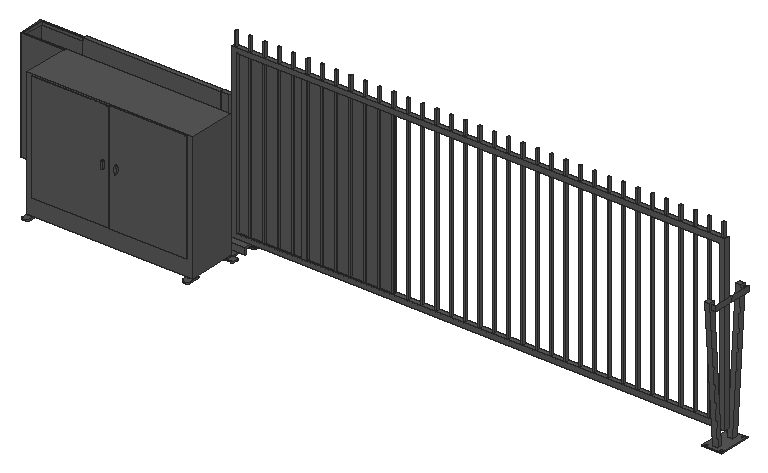
Revit family "1Construction_Fences-&-Traffic-Security_AutoGate_Buckeye-Pivot-Gates", category Specialty Equipment, Revit 2023 (continued)
Definition of nested family "Gate Operator"
  Lines and regions (in)
    Masking region 2, detail levels medium+fine
      outline origin (0, 0, 0) x (1, 0, 0) y (0, 1, 0)
        loop
          arc (-3.5, 22.87) -> (-3.14645, 23.01645) -> (-3, 23.37) r 0.5
          line (-3, 23.37) -> (-3, 24.37)
          arc (-3, 24.37) -> (-3.14645, 24.72355) -> (-3.5, 24.87) r 0.5
    Masking region 3, detail levels medium+fine
      outline origin (0, 0, 0) x (1, 0, 0) y (0, 1, 0)
        loop
          line (-65.00025, -0.0433) -> (-33.82525, -0.0433) -> (-33.82525, 0) -> (-65.00025, 0) -> (-65.00025, -0.0433)
        loop
          line (-33.42475, -0.0433) -> (-2.24975, -0.0433) -> (-2.24975, 0) -> (-33.42475, 0) -> (-33.42475, -0.0433)
    Masking region 4, detail levels coarse
      outline origin (0, 0, 0) x (1, 0, 0) y (0, 1, 0)
        loop
          line (0, 30.43) -> (-67.155, 30.43) -> (-67.155, 0) -> (0, 0) -> (0, 30.43)
    Masking region 5, visible <- "z_Std Gate Guard", detail levels medium+fine
      outline origin (0, 0, 0) x (1, 0, 0) y (0, 1, 0)
        loop
          line (-69.46845, 28.29676) -> (-69.46845, 19.19676) -> (-67.225, 19.19676) -> (-67.225, 17.41641) -> (-67.175, 17.41641) -> (-67.175, 19.24676) -> (-69.41845, 19.24676) -> (-69.41845, 28.24676) -> (-67.175, 28.24676) -> (-67.175, 30.07712) -> (-67.225, 30.07712) -> (-67.225, 28.29676) -> (-69.46845, 28.29676)
    Masking region 6, visible <- "z_NonStd Gate Guard", detail levels medium+fine
      outline origin (0, 0, 0) x (1, 0, 0) y (0, 1, 0)
        loop
          line (-76.425, 28.37) -> (-67.175, 28.37) -> (-67.175, 29.22) -> (-77.3, 29.22) -> (-77.3, 18.65) -> (-67.175, 18.65) -> (-67.175, 19.5) -> (-76.425, 19.5) -> (-76.425, 28.37)
    Masking region 7, visible <- "z_NonStd Gate Guard", detail levels coarse
      outline origin (0, 0, 0) x (1, 0, 0) y (0, 1, 0)
        loop
          line (-77.175, 29.12) -> (-77.175, 18.75) -> (-67.175, 18.75) -> (-67.175, 29.12) -> (-77.175, 29.12)
  Dimensions and locks (in)
    locked: plane 5 to plane 3 "Center (Left/Right)" at 67.175
    plane 6 to plane 2 "Bottom" = 52.1875"
    locked: plane 7 to plane 5 at 2.25
    "Gate Guard": plane 8 to plane 5
    locked: plane 6 to plane 9 at 1
    locked: plane 10 to plane 2 "Bottom" at 6.9375
    locked: plane 11 to plane 10 at 1
    equal spacing: plane 6, plane 12, plane 10, locked at 22.625 each
    Extrusion 16 to plane 12 to Extrusion 16 = 0.500" locked, 0.500" locked
    Masking region 5 sketch curve to Masking region 5 sketch curve to Masking region 5 sketch curve to Masking region 5 sketch curve to plane 5 = 0.050" locked, 2.19345" locked, 0.000" locked, 0.050" locked
    Extrusion 11 sketch curve to Extrusion 11 sketch curve to Extrusion 11 sketch curve to plane 5 = 0.050" locked, 2.19345" locked, 0.050" locked
    locked: Extrusion 11 sketch curve to plane 5 at 0.05
    locked: plane 8 to Extrusion 12 sketch curve at 0.75
    locked: Extrusion 13 sketch curve to plane 8 at 0.125
    locked: plane 8 to Extrusion 16 sketch curve at 0.75
    locked: plane 8 to Extrusion 15 sketch curve at 0.75
    Masking region 6 sketch curve to plane 8 to Masking region 6 sketch curve = 0.125" locked, 0.750" locked
    aligned and locked: plane 3 "Center (Left/Right)" to Extrusion 1
    aligned and locked: Extrusion 2 to plane 1 "Center (Front/Back)"
    aligned and locked: Extrusion 12 to plane 6
    aligned and locked: Extrusion 12 to plane 9
    aligned and locked: Extrusion 14 sketch curve to plane 5
    aligned and locked: Extrusion 14 sketch curve to plane 8
    aligned and locked: Extrusion 14 to plane 6
    aligned and locked: plane 10 to Extrusion 14
    aligned and locked: plane 8 to Masking region 7 sketch curve
    aligned and locked: plane 5 to Masking region 7 sketch curve
    aligned and locked: plane 5 to Extrusion 12 sketch curve  (x2)
    aligned and locked: Extrusion 15 to plane 11
    aligned and locked: plane 10 to Extrusion 15
    aligned and locked: plane 5 to Extrusion 13 sketch curve  (x2)
    aligned and locked: Extrusion 13 to plane 6
    aligned and locked: plane 10 to Extrusion 13
    aligned and locked: plane 5 to Masking region 5 sketch curve
    aligned and locked: Masking region 5 sketch curve to plane 5
    aligned and locked: Extrusion 11 sketch curve to plane 5  (x2)
    aligned and locked: Extrusion 12 sketch curve to plane 8
    aligned and locked: Extrusion 13 sketch curve to plane 8
    aligned and locked: Extrusion 16 sketch curve to plane 8
    aligned and locked: Extrusion 15 sketch curve to plane 8
  Automatic sketch dimensions
    plane 5 to Extrusion 1 sketch curve = 0.000"
    Extrusion 1 sketch curve to plane 3 "Center (Left/Right)" = 0.000"
    Extrusion 1 sketch curve to plane 6 = 0.000"
    level to Extrusion 1 sketch curve = 0.73989"
    plane 6 to Extrusion 2 sketch curve = 0.3625"  (x2)
    Extrusion 2 sketch curve to plane 5 = 2.17475"
    Extrusion 2 sketch curve to plane 10 = 0.3875"  (x2)
    Extrusion 2 sketch curve to Extrusion 2 sketch curve = 31.175"
    Extrusion 2 sketch curve to Extrusion 2 sketch curve = 0.4005"
    Extrusion 2 sketch curve to plane 3 "Center (Left/Right)" = 2.24975"
    Extrusion 3 sketch curve to Extrusion 2 = 7.64262"
    Extrusion 3 sketch curve to Extrusion 2 = 2.56264"
    Extrusion 3 sketch curve to Extrusion 3 sketch curve = 0.0015"
    Extrusion 3 sketch curve to Extrusion 3 sketch curve = 0.44195"
    Extrusion 3 sketch curve to Extrusion 2 = 1.75907"
    Extrusion 3 sketch curve to Extrusion 3 sketch curve = 0.80123"
    Extrusion 3 sketch curve to Extrusion 3 sketch curve = 0.80273"
    Extrusion 3 sketch curve to Extrusion 3 sketch curve = 4.72071"
    Extrusion 3 sketch curve to Extrusion 2 = 21.08697"
    Extrusion 3 sketch curve to Extrusion 3 sketch curve = 0.000"
    Extrusion 3 sketch curve to Extrusion 3 sketch curve = 1.22848"  (x2)
    Extrusion 3 sketch curve to Extrusion 3 sketch curve = 1.23435"  (x2)
    Extrusion 3 sketch curve to Extrusion 3 sketch curve = 1.2244"
    Extrusion 3 sketch curve to Extrusion 3 sketch curve = 1.21852"
    Extrusion 3 sketch curve to Extrusion 3 sketch curve = 0.31522"  (x4)
    Extrusion 3 sketch curve to Extrusion 3 sketch curve = 0.31672"  (x4)
    Extrusion 4 sketch curve to plane 4 = 0.09995"  (x2)
    plane 5 to Extrusion 4 sketch curve = 0.450"  (x2)
    Extrusion 4 sketch curve to plane 5 = 0.04995"  (x2)
    Extrusion 4 sketch curve to plane 5 = 0.050"
    Extrusion 4 sketch curve to plane 5 = 0.550"
    Extrusion 4 sketch curve to Extrusion 4 sketch curve = 1.000"  (x5)
    Extrusion 4 sketch curve to Extrusion 4 sketch curve = 2.000"
    Extrusion 4 sketch curve to Extrusion 4 sketch curve = 2.00005"  (x2)
    Extrusion 4 sketch curve to Extrusion 4 sketch curve = 0.500"  (x2)
    Extrusion 4 sketch curve to plane 4 = 0.100"
    Extrusion 4 sketch curve to plane 3 "Center (Left/Right)" = 2.625"  (x2)
    plane 4 to Extrusion 4 sketch curve = 0.400"
    Extrusion 4 sketch curve to Extrusion 4 sketch curve = 0.49995"
    Extrusion 4 sketch curve to plane 3 "Center (Left/Right)" = 0.625"
    Extrusion 4 sketch curve to plane 3 "Center (Left/Right)" = 0.125"
    plane 3 "Center (Left/Right)" to Extrusion 4 sketch curve = 0.375"  (x2)
    Extrusion 4 sketch curve to Extrusion 4 sketch curve = 0.125"  (x2)
    Extrusion 4 sketch curve to Extrusion 4 sketch curve = 1.375"  (x2)
    Extrusion 4 sketch curve to plane 4 = 0.600"
    Extrusion 4 sketch curve to Extrusion 4 sketch curve = 0.000"  (x2)
    Extrusion 4 sketch curve to Extrusion 4 sketch curve = 7.750"
    Extrusion 4 sketch curve to Extrusion 4 sketch curve = 13.000"
    Extrusion 4 sketch curve to plane 1 "Center (Front/Back)" = 2.900"  (x2)
    plane 1 "Center (Front/Back)" to Extrusion 4 sketch curve = 1.600"  (x2)
    Extrusion 5 sketch curve to plane 5 = 0.050"  (x2)
    Extrusion 5 sketch curve to Extrusion 5 sketch curve = 0.125"  (x10)
    Extrusion 5 sketch curve to Extrusion 5 sketch curve = 1.810"  (x7)
    Extrusion 5 sketch curve to plane 1 "Center (Front/Back)" = 0.495"
    Extrusion 5 sketch curve to Extrusion 5 sketch curve = 0.000"
    Extrusion 5 sketch curve to plane 3 "Center (Left/Right)" = 2.155"  (x2)
    Extrusion 5 sketch curve to plane 3 "Center (Left/Right)" = 0.220"  (x4)
    Extrusion 5 sketch curve to plane 3 "Center (Left/Right)" = 0.095"  (x2)
    Extrusion 5 sketch curve to plane 1 "Center (Front/Back)" = 0.370"
    Extrusion 5 sketch curve to plane 4 = 13.130"  (x2)
    Extrusion 6 sketch curve to plane 5 = 0.020"
    Extrusion 6 sketch curve to plane 3 "Center (Left/Right)" = 0.095"
    Extrusion 6 sketch curve to plane 4 = 2.130"
    Extrusion 6 sketch curve to plane 4 = 0.070"
    Extrusion 7 sketch curve to plane 5 = 0.020"
    Extrusion 7 sketch curve to Extrusion 7 sketch curve = 2.060"
    Extrusion 7 sketch curve to plane 3 "Center (Left/Right)" = 2.155"
    Extrusion 7 sketch curve to plane 3 "Center (Left/Right)" = 0.095"
    Extrusion 7 sketch curve to plane 4 = 2.130"  (x2)
    Extrusion 7 sketch curve to plane 4 = 0.070"  (x2)
    plane 10 to Extrusion 8 sketch curve = 2.66589"
    Extrusion 8 sketch curve to plane 4 = 9.630"
    Extrusion 8 sketch curve to Extrusion 8 sketch curve = 0.0625"  (x2)
    Extrusion 8 sketch curve to Extrusion 8 sketch curve = 0.250"  (x4)
    plane 10 to Extrusion 8 sketch curve = 3.22839"
    Extrusion 8 sketch curve to plane 4 = 4.1925"
    Extrusion 8 sketch curve to Extrusion 8 sketch curve = 1.6875"  (x2)
    Extrusion 9 sketch curve to plane 3 "Center (Left/Right)" = 7.000"
    Extrusion 9 sketch curve to Extrusion 9 sketch curve = 0.500"  (x3)
    Extrusion 9 sketch curve to Extrusion 9 sketch curve = 3.000"
    Extrusion 9 sketch curve to Extrusion 9 sketch curve = 0.000"
    Extrusion 9 sketch curve to plane 4 = 7.630"
    Extrusion 9 sketch curve to Extrusion 9 sketch curve = 1.000"
    Masking region 1 sketch curve to plane 5 = 0.000"
    plane 1 "Center (Front/Back)" to Masking region 1 sketch curve = 0.000"
    Masking region 1 sketch curve to plane 3 "Center (Left/Right)" = 0.000"
    Masking region 1 sketch curve to plane 5 = 0.020"
    plane 1 "Center (Front/Back)" to Masking region 1 sketch curve = 0.0433"  (x2)
    Masking region 1 sketch curve to plane 5 = 30.2876"
    Masking region 1 sketch curve to Masking region 1 sketch curve = 0.98864"  (x2)
    Masking region 1 sketch curve to Masking region 1 sketch curve = 4.5348"
    Masking region 1 sketch curve to plane 3 "Center (Left/Right)" = 7.000"
    Masking region 1 sketch curve to plane 3 "Center (Left/Right)" = 0.095"
    plane 3 "Center (Left/Right)" to Masking region 1 sketch curve = 4.500"
    Masking region 1 sketch curve to Masking region 1 sketch curve = 0.53784"  (x2)
    Masking region 1 sketch curve to plane 4 = 11.000"
    Masking region 1 sketch curve to Masking region 1 sketch curve = 1.370"
    Masking region 1 sketch curve to plane 4 = 3.630"
    Masking region 1 sketch curve to plane 4 = 2.130"
    Masking region 1 sketch curve to plane 4 = 0.070"
    plane 1 "Center (Front/Back)" to Masking region 2 sketch curve = 0.000"  (x2)
    Masking region 2 sketch curve to plane 5 = 0.000"  (x2)
    Masking region 2 sketch curve to plane 3 "Center (Left/Right)" = 0.000"
    plane 5 to Masking region 2 sketch curve = 0.450"  (x2)
    Masking region 2 sketch curve to plane 5 = 0.04995"  (x3)
    Masking region 2 sketch curve to plane 5 = 0.050"
    Masking region 2 sketch curve to plane 5 = 0.550"
    Masking region 2 sketch curve to Masking region 2 sketch curve = 1.000"  (x6)
    plane 4 to Masking region 2 sketch curve = 0.400"
    Masking region 2 sketch curve to Masking region 2 sketch curve = 2.00005"
    Masking region 2 sketch curve to Masking region 2 sketch curve = 0.62475"
    Masking region 2 sketch curve to plane 5 = 2.550"
    Masking region 2 sketch curve to plane 4 = 0.09995"  (x2)
    Masking region 2 sketch curve to Masking region 2 sketch curve = 0.500"  (x4)
    plane 1 "Center (Front/Back)" to Masking region 2 sketch curve = 0.0433"  (x2)
    Masking region 2 sketch curve to Masking region 2 sketch curve = 0.37525"  (x2)
    Masking region 2 sketch curve to plane 3 "Center (Left/Right)" = 7.000"
    Masking region 2 sketch curve to Masking region 2 sketch curve = 3.000"
    Masking region 2 sketch curve to Masking region 2 sketch curve = 0.000"  (x2)
    Masking region 2 sketch curve to plane 3 "Center (Left/Right)" = 2.625"  (x2)
    Masking region 2 sketch curve to Masking region 2 sketch curve = 0.875"
    Masking region 2 sketch curve to plane 4 = 0.070"
    Masking region 2 sketch curve to Masking region 2 sketch curve = 0.0009"
    Masking region 2 sketch curve to Masking region 2 sketch curve = 0.49905"
    Masking region 2 sketch curve to plane 3 "Center (Left/Right)" = 0.625"
    Masking region 2 sketch curve to plane 3 "Center (Left/Right)" = 0.125"
    Masking region 2 sketch curve to plane 3 "Center (Left/Right)" = 0.095"
    Masking region 2 sketch curve to plane 3 "Center (Left/Right)" = 0.075"
    plane 3 "Center (Left/Right)" to Masking region 2 sketch curve = 0.375"  (x3)
    Masking region 2 sketch curve to Masking region 2 sketch curve = 0.125"  (x2)
    plane 3 "Center (Left/Right)" to Masking region 2 sketch curve = 1.875"  (x2)
    Masking region 2 sketch curve to Masking region 2 sketch curve = 1.375"
    Masking region 2 sketch curve to Masking region 2 sketch curve = 1.5567"
    plane 1 "Center (Front/Back)" to Masking region 2 sketch curve = 1.600"
    Masking region 2 sketch curve to plane 1 "Center (Front/Back)" = 2.400"  (x2)
    Masking region 2 sketch curve to Masking region 2 sketch curve = 13.000"
    Masking region 2 sketch curve to Masking region 2 sketch curve = 13.49755"
    Masking region 2 sketch curve to Masking region 2 sketch curve = 2.10005"
    Masking region 2 sketch curve to Masking region 2 sketch curve = 0.525"
    Masking region 2 sketch curve to Masking region 2 sketch curve = 1.370"
    Masking region 2 sketch curve to Masking region 2 sketch curve = 2.000"  (x2)
    Masking region 2 sketch curve to Masking region 2 sketch curve = 0.905"
    Masking region 2 sketch curve to Masking region 2 sketch curve = 2.03005"
    Masking region 2 sketch curve to Masking region 2 sketch curve = 0.470"
    plane 1 "Center (Front/Back)" to Masking region 3 sketch curve = 0.000"  (x2)
    plane 1 "Center (Front/Back)" to Masking region 3 sketch curve = 0.0433"  (x2)
    Masking region 3 sketch curve to plane 5 = 2.17475"
    Masking region 3 sketch curve to Masking region 3 sketch curve = 31.175"
    Masking region 3 sketch curve to Masking region 3 sketch curve = 0.4005"
    Masking region 3 sketch curve to plane 3 "Center (Left/Right)" = 2.24975"
    plane 1 "Center (Front/Back)" to Extrusion 10 sketch curve = 0.000"
    Extrusion 10 sketch curve to plane 3 "Center (Left/Right)" = 0.000"
    Extrusion 10 sketch curve to plane 5 = 0.020"
    Extrusion 10 sketch curve to plane 4 = 0.070"
    plane 1 "Center (Front/Back)" to Masking region 4 sketch curve = 0.000"
    Masking region 4 sketch curve to plane 3 "Center (Left/Right)" = 0.000"
    Masking region 4 sketch curve to plane 5 = 0.020"
    Masking region 4 sketch curve to plane 4 = 0.070"
    Extrusion 14 sketch curve to plane 4 = 11.750"
    Extrusion 14 sketch curve to plane 4 = 1.380"
    Masking region 7 sketch curve to plane 1 "Center (Front/Back)" = 18.750"
    Masking region 7 sketch curve to Masking region 7 sketch curve = 10.370"
    Masking region 5 sketch curve to plane 13 = 6.51859"
    Masking region 5 sketch curve to Masking region 5 sketch curve = 1.78035"  (x2)
    Masking region 5 sketch curve to Masking region 5 sketch curve = 0.050"  (x2)
    Masking region 5 sketch curve to plane 4 = 0.42288"
    Extrusion 11 sketch curve to plane 13 = 6.51859"
    Extrusion 11 sketch curve to Extrusion 11 sketch curve = 1.78035"
    Extrusion 11 sketch curve to Extrusion 11 sketch curve = 0.050"  (x2)
    Extrusion 11 sketch curve to plane 4 = 2.25324"
    Extrusion 11 sketch curve to plane 4 = 0.42288"
    Extrusion 12 sketch curve to plane 13 = 5.185"
    Extrusion 12 sketch curve to Extrusion 12 sketch curve = 0.750"  (x2)
    Extrusion 12 sketch curve to plane 15 = 2.060"
    Extrusion 13 sketch curve to plane 7 = 1.200"
    Extrusion 13 sketch curve to plane 13 = 5.285"
    Extrusion 13 sketch curve to Extrusion 13 sketch curve = 0.100"  (x2)
    Extrusion 13 sketch curve to plane 15 = 1.310"
    Extrusion 16 sketch curve to plane 5 = 0.000"  (x2)
    Extrusion 16 sketch curve to plane 13 = 5.185"
    Extrusion 16 sketch curve to Extrusion 16 sketch curve = 0.750"  (x2)
    Extrusion 16 sketch curve to plane 15 = 2.060"
    Extrusion 15 sketch curve to plane 5 = 0.000"  (x2)
    Extrusion 15 sketch curve to plane 13 = 5.185"
    Extrusion 15 sketch curve to Extrusion 15 sketch curve = 0.750"  (x2)
    Extrusion 15 sketch curve to plane 15 = 2.060"
    Masking region 6 sketch curve to plane 5 = 0.000"  (x2)
    Masking region 6 sketch curve to plane 13 = 5.285"
    Masking region 6 sketch curve to Masking region 6 sketch curve = 0.850"  (x2)
    Masking region 6 sketch curve to plane 15 = 2.060"
Definition of nested family "Pole"
  Parameters (values of type "Pole")
    Material = none
    Height = 65.000"
    Default Elevation = 0.000"
  Reference planes (in)
    plane 1 "Center (Front/Back)": y = 0
    plane 2: z = 0
    plane 3 "Center (Left/Right)": x = 0
    plane 4: z = 65
  Forms (in)
    Sweep 1, solid, material <- "Material", detail levels medium+fine
      path origin (0, 0, 0) x (1, 0, 0) y (0, 0, 1)
        loop
          line (0, 65) -> (0, 0)
      profile origin (0, 0, 32.5) x (0, -1, 0) y (1, 0, 0)
        loop
          line (-0.375, 0) -> (0.375, 0) -> (0.375, 0.75) -> (-0.375, 0.75) -> (-0.375, 0)
  Dimensions and locks (in)
    "Height": plane 4 to plane 2
    aligned and locked: level to plane 2
    aligned and locked: plane 2 to Sweep 1 sketch curve
    aligned and locked: plane 4 to Sweep 1 sketch curve
    aligned and locked: Sweep 1 sketch curve to plane 3 "Center (Left/Right)"
  Automatic sketch dimensions
    Sweep 1 sketch curve to profile plane = 0.000"
    Sweep 1 sketch curve to plane 1 "Center (Front/Back)" = 0.375"
    plane 1 "Center (Front/Back)" to Sweep 1 sketch curve = 0.375"
    Sweep 1 sketch curve to profile plane = 0.750"
Definition of nested family "DI"
  Parameters (values of type "DI")
    Visibility = yes
  Reference planes (in)
    plane 1 "Center (Front/Back)": y = 0
    plane 2: z = 0
    plane 3 "Center (Left/Right)": x = 0
  Lines and regions (in)
    Masking region 1, in view "Ref. Level", visible <- "Visibility", detail levels medium+fine
      outline origin (0, -0.7339, 0) x (1, 0, 0) y (0, 1, 0)
        loop
          line (0, 1.1089) -> (0, 0.3589) -> (0.75, 0.3589) -> (0.75, 1.1089) -> (0, 1.1089)
  Dimensions and locks (in)
    locked: Masking region 1 to Masking region 1 at 0.75  (x2)
Types (3): name | z_Vertical Profile Position | z_Type Index | z_Pole Height | z_FT Distance | z_Distance Between Poles | z_No of Poles | z_Mesh End Position | z_DI Finials Visibility | Operator to Yoke Length | Model | Length Input | Length | Height Input | Height
  (no name) | 30.33088" | 2 | 73.000" | 5.500" | 5.06618" | 35 | 65.22794" | yes | 195.600" | "Buckeye - VPG with Finials" | 200.000" | 200.000" | 80.000" | 80.000"
  Buckeye VPG with Finials | 30.33088" | 2 | 73.000" | 5.500" | 5.06618" | 35 | 65.22794" | yes | 195.600" | "Buckeye - VPG with Finials" | 200.000" | 200.000" | 80.000" | 80.000"
  Buckeye VPG Flat Top | 30.000" | 1 | 64.500" | 0.000" | 5.000" | 34 | 64.500" | no | 187.600" | "Buckeye - VPG Flat Top" | 192.000" | 192.000" | 72.000" | 72.000"
